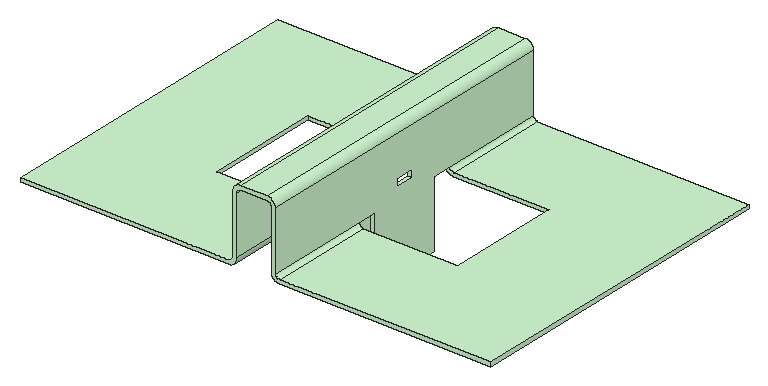
Revit family "グラスウール押え金具", category 機械設備, Revit 2020
Family settings
  丸型コネクタ寸法 = 直径を使用
  種別 = なし
  パーツ タイプ = 標準
  作業面ベース = いいえ
  常に垂直 = はい
  ロード時にボイドで切り取り = いいえ
  共有 = いいえ
  部屋計算ポイント = いいえ
Parameters
  製造元 = "株式会社桐井製作所"
  既定の高さ = 0 mm
  URL = "https://www.kirii.co.jp/"
  K_品名 = "グラスウール押え金具"
  K_名称 = "仕上げ材オサエ"
  K_バージョン情報 = "20220915"
Reference planes
  plane 1 "中心(正面/背面)": y = 0
  plane 2: z = 0
  plane 3 "中心(左/右)": x = 0
Forms (mm)
  Extrusion 1, solid
    sketch origin (0, 0, 0) x (1, 0, 0) y (0, 0, 1)
      loop
        arc (-4.3, 1.6) -> (-4.534, 1.034) -> (-5.1, 0.8) r 0.8
        line (-5.1, 0.8) -> (-47.2, 0.8) -> (-47.2, 0) -> (-5.1, 0)
        arc (-5.1, 0) -> (-3.969, 0.469) -> (-3.5, 1.6) r 1.6
        line (-3.5, 1.6) -> (-3.5, 13.4)
        arc (-3.5, 13.4) -> (-3.266, 13.966) -> (-2.7, 14.2) r 0.8
        line (-2.7, 14.2) -> (2.7, 14.2)
        arc (2.7, 14.2) -> (3.266, 13.966) -> (3.5, 13.4) r 0.8
        line (3.5, 13.4) -> (3.5, 1.6)
        arc (3.5, 1.6) -> (3.969, 0.469) -> (5.1, 0) r 1.6
        line (5.1, 0) -> (47.714, 0) -> (47.714, 0.8) -> (5.1, 0.8)
        arc (5.1, 0.8) -> (4.534, 1.034) -> (4.3, 1.6) r 0.8
        line (4.3, 1.6) -> (4.3, 13.4)
        arc (4.3, 13.4) -> (3.831, 14.531) -> (2.7, 15) r 1.6
        line (2.7, 15) -> (-2.7, 15)
        arc (-2.7, 15) -> (-3.831, 14.531) -> (-4.3, 13.4) r 1.6
        line (-4.3, 13.4) -> (-4.3, 1.6)
    from -32.5 to 32.5
  Extrusion 2, void
    sketch origin (0, 0, 0) x (0, 1, 0) y (0, 0, 1)
      loop
        line (2, 5.328) -> (-2, 5.328) -> (-2, 3.833) -> (2, 3.833) -> (2, 5.328)
    from -4.3 to -3.5
  Extrusion 3, void
    sketch origin (7.8, 0, 0) x (0, 1, 0) y (0, 0, 1)
      loop
        line (2, 5.328) -> (-2, 5.328) -> (-2, 3.833) -> (2, 3.833) -> (2, 5.328)
    from -4.3 to -3.5
  Extrusion 4, void
    sketch origin (0, 0, 0) x (1, 0, 0) y (0, 1, 0)
      loop
        line (-24.3, 11.5) -> (-24.3, -11.5) -> (24.3, -11.5) -> (24.3, 11.5) -> (-24.3, 11.5)
    from 0 to 1.6
  Extrusion 5, solid
    sketch origin (0, 0, 0) x (1, 0, 0) y (0, 0, 1)
      loop
        line (-3.5, -11.2) -> (-3.5, 1.6) -> (-4.3, 1.6) -> (-4.3, -11.2) -> (-3.5, -11.2)
      loop
        line (4.3, -12) -> (4.3, 1.6) -> (3.5, 1.6) -> (3.5, -12) -> (4.3, -12)
    from -7.5 to 7.5
Cuts and joins
  Extrusion 2, Extrusion 3, Extrusion 4 cuts Extrusion 1
  joined: Extrusion 1, Extrusion 5
Dimensions and locks
  aligned and locked: level to plane 2
